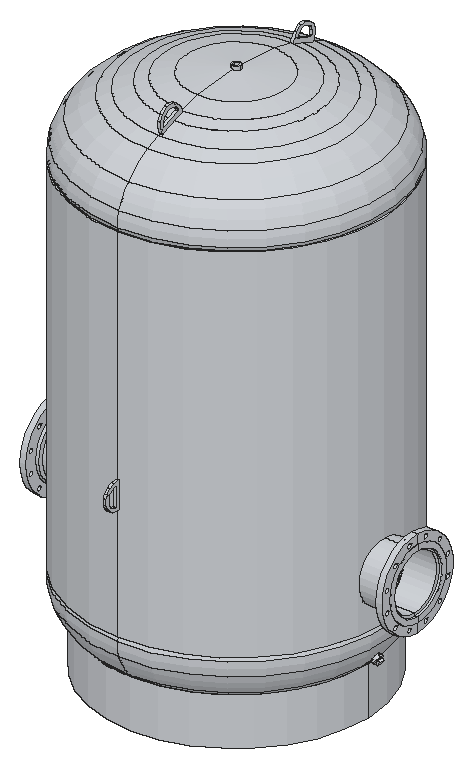
Revit family "CBT-850-10", category Generic Models, Revit 2014
Parameters (values of type "CBT-850-10")
  URL = "http://westank.com/"
  Tank Volume = 850.00 gal
  Part Number = 55540850
  Model = "CBT-850-10"
  Maximum Shipping Weight = 1945 lbf
  Flange Connector Diameter = 10"
  Description = "Wessels ASME Chilled Water Buffer Tanks (CBT) are designed for chilled water systems with insufficient water volume capacity in relation to the chiller capacity."
  D = 25"
  C = 48"
  B = 97 1/2"
  A = 54"
Reference planes (in)
  plane 1 "Center (Front/Back)": y = 0
  plane 2: z = 0
  plane 3 "Center (Left/Right)": x = 0
  plane 4: through (12.55282, -180, 5.24135) normal (0.8192, 0, -0.5736)
  plane 5: z = 0
  plane 6: x = -0.0258
  plane 7: x = -27
  plane 8: x = 27
  plane 9: x = -24
  plane 10: x = 24
  plane 11: z = 25
  plane 12: z = 97.5
Forms (in)
  Revolve 1, solid
    sketch origin (0, -0.02461, 0) x (0, 1, 0) y (0, 0, 1)
      loop
        line (-26.97539, 16.49984) -> (-26.66078, 16.49984)
        arc (-26.66078, 16.49984) -> (-26.66309, 16.48381) -> (-26.66631, 16.46794) r 0.28141
        line (-26.66631, 16.46794) -> (-26.97466, 15.74151)
        arc (-26.97466, 15.74151) -> (-26.94018, 14.43758) -> (-26.668, 13.16191) r 7.10755
        arc (-26.668, 13.16191) -> (-25.77999, 11.13462) -> (-24.46831, 9.35194) r 10.01278
        arc (-24.46831, 9.35194) -> (-22.3909, 7.47847) -> (-20.00612, 6.01615) r 15.24472
        arc (-20.00612, 6.01615) -> (-17.66278, 4.91715) -> (-15.27807, 3.91108) r 65.85395
        arc (-15.27807, 3.91108) -> (-11.82013, 2.79593) -> (-8.24342, 2.15715) r 26.88855
        arc (-8.24342, 2.15715) -> (-4.34631, 1.67267) -> (-0.42253, 1.5111) r 47.59849
        arc (-0.42253, 1.5111) -> (-0.19896, 1.51161) -> (0.02461, 1.51099) r 43.89739
        line (0.02461, 1.51099) -> (0.02461, 1.86256)
        arc (0.02461, 1.86256) -> (-0.1994, 1.86318) -> (-0.4234, 1.86266) r 44.24896
        arc (-0.4234, 1.86266) -> (-4.32269, 2.02348) -> (-8.19539, 2.50555) r 47.24693
        arc (-8.19539, 2.50555) -> (-11.73033, 3.13587) -> (-15.14781, 4.23762) r 26.53699
        arc (-15.14781, 4.23762) -> (-17.51979, 5.23832) -> (-19.85062, 6.33145) r 65.50239
        arc (-19.85062, 6.33145) -> (-22.1804, 7.76005) -> (-24.2099, 9.59031) r 14.89316
        arc (-24.2099, 9.59031) -> (-25.47553, 11.3104) -> (-26.33236, 13.26651) r 9.66121
        arc (-26.33236, 13.26651) -> (-26.58754, 14.44985) -> (-26.62745, 15.65974) r 6.75598
        line (-26.62745, 15.65974) -> (-26.34269, 16.33057) -> (-26.2939, 16.53412) -> (-26.668, 16.53412) -> (-26.668, 82.47318) -> (-26.2939, 82.47318) -> (-26.34269, 82.67673) -> (-26.62745, 83.34756)
        arc (-26.62745, 83.34756) -> (-26.58754, 84.55744) -> (-26.33236, 85.74078) r 6.75598
        arc (-26.33236, 85.74078) -> (-25.47553, 87.6969) -> (-24.2099, 89.41698) r 9.66121
        arc (-24.2099, 89.41698) -> (-22.1804, 91.24725) -> (-19.85062, 92.67585) r 14.89316
        arc (-19.85062, 92.67585) -> (-17.51979, 93.76898) -> (-15.14781, 94.76968) r 65.50239
        arc (-15.14781, 94.76968) -> (-11.73033, 95.87143) -> (-8.19539, 96.50175) r 26.53699
        arc (-8.19539, 96.50175) -> (-4.10161, 97.04879) -> (0.02461, 97.22943) r 46.37627
        line (0.02461, 97.22943) -> (0.02461, 97.4963)
        arc (0.02461, 97.4963) -> (-0.19896, 97.49568) -> (-0.42253, 97.4962) r 43.89739
        arc (-0.42253, 97.4962) -> (-4.5967, 97.31991) -> (-8.73807, 96.76869) r 46.37627
        arc (-8.73807, 96.76869) -> (-10.60403, 96.39443) -> (-12.45302, 95.9438) r 46.28995
        arc (-12.45302, 95.9438) -> (-13.52034, 95.62849) -> (-14.57474, 95.27236) r 28.9358
        arc (-14.57474, 95.27236) -> (-16.14965, 94.6811) -> (-17.70715, 94.04538) r 59.2672
        arc (-17.70715, 94.04538) -> (-18.86408, 93.53449) -> (-20.00612, 92.99115) r 44.79936
        arc (-20.00612, 92.99115) -> (-22.3909, 91.52883) -> (-24.46831, 89.65536) r 15.24472
        arc (-24.46831, 89.65536) -> (-25.77999, 87.87268) -> (-26.668, 85.84538) r 10.01278
        arc (-26.668, 85.84538) -> (-26.94018, 84.56972) -> (-26.97466, 83.26579) r 7.10755
        line (-26.97466, 83.26579) -> (-26.66631, 82.53936)
        arc (-26.66631, 82.53936) -> (-26.66309, 82.52349) -> (-26.66078, 82.50745) r 0.28141
        line (-26.66078, 82.50745) -> (-26.97539, 82.50745) -> (-26.97539, 16.49984)
      axis (0.02461, 1.51099) -> (0.02461, 97.4963)
    angle from 0 to 360
  Revolve 2, solid
    sketch origin (0.05289, 0, -12.12844) x (0.999568, 0, -0.02939) y (0.02939, 0, 0.999568)
      loop
        line (24.95603, 23.79747) -> (24.90436, 23.83351) -> (24.49286, 23.24353) -> (25.10843, 22.81419) -> (25.48438, 23.35322) -> (25.43312, 23.38897) -> (25.55755, 23.56737) -> (25.04492, 23.92491) -> (24.95603, 23.79747)
      axis (24.49286, 23.24353) -> (25.10843, 22.81419)
    angle from 0 to 360
  Extrusion 3, solid
    sketch origin (25.28043, -180, 10.9329) x (0.595927, 0, 0.803038) y (0, -1, 0)
      loop
        line (-0.16036, -179.52645) -> (-0.95521, -179.68698) -> (-0.79485, -180.48095) -> (0, -180.32042) -> (-0.16036, -179.52645)
    from 1.02698 to 1.52678
  Extrusion 4, solid
    sketch origin (0, -15.00821, 15.98097) x (0, 1, 0) y (0, 0, 1)
      loop
        line (-11.93439, 21.33067) -> (-11.93439, 26.202)
        arc (-11.93439, 26.202) -> (-12.47846, 26.15164) -> (-13.01533, 26.05008) r 5.77422
        arc (-13.01533, 26.05008) -> (-13.49297, 25.89754) -> (-13.94252, 25.67548) r 3.35288
        arc (-13.94252, 25.67548) -> (-14.34081, 25.36666) -> (-14.64962, 24.96837) r 2.0073
        arc (-14.64962, 24.96837) -> (-14.80343, 24.58932) -> (-14.88788, 24.18906) r 2.30742
        arc (-14.88788, 24.18906) -> (-14.91277, 23.77188) -> (-14.88788, 23.3547) r 3.50846
        arc (-14.88788, 23.3547) -> (-14.79412, 22.92876) -> (-14.61961, 22.52904) r 2.24053
        arc (-14.61961, 22.52904) -> (-14.27401, 22.08806) -> (-13.80999, 21.77406) r 1.8078
        arc (-13.80999, 21.77406) -> (-13.34321, 21.55591) -> (-12.84107, 21.44044) r 2.44481
        arc (-12.84107, 21.44044) -> (-12.39043, 21.36326) -> (-11.93439, 21.33067) r 4.65484
      loop
        arc (-12.44611, 25.63929) -> (-12.67227, 25.60073) -> (-12.89654, 25.55235) r 5.2625
        arc (-12.89654, 25.55235) -> (-13.30128, 25.42308) -> (-13.68221, 25.23491) r 2.84116
        arc (-13.68221, 25.23491) -> (-13.97364, 25.01013) -> (-14.20134, 24.72098) r 1.49558
        arc (-14.20134, 24.72098) -> (-14.3163, 24.43235) -> (-14.37979, 24.12821) r 1.7957
        arc (-14.37979, 24.12821) -> (-14.40106, 23.77188) -> (-14.37979, 23.41555) r 2.99674
        arc (-14.37979, 23.41555) -> (-14.30745, 23.08689) -> (-14.17279, 22.77846) r 1.72881
        arc (-14.17279, 22.77846) -> (-13.91552, 22.45353) -> (-13.56884, 22.22643) r 1.29608
        arc (-13.56884, 22.22643) -> (-13.1779, 22.0402) -> (-12.75531, 21.94566) r 1.9331
        arc (-12.75531, 21.94566) -> (-12.60126, 21.91347) -> (-12.44611, 21.88716) r 4.14312
        line (-12.44611, 21.88716) -> (-12.44611, 25.63929)
    from -0.24366 to 0.25634
  Extrusion 5, solid
    sketch origin (0, -33.88542, 76.80121) x (0, 0.319235, -0.947675) y (0, 0.947675, 0.319235)
      loop
        arc (-11.9298, 25.67102) -> (-12.15596, 25.63246) -> (-12.38023, 25.58408) r 5.2625
        arc (-12.38023, 25.58408) -> (-12.78497, 25.45482) -> (-13.16591, 25.26664) r 2.84116
        arc (-13.16591, 25.26664) -> (-13.45733, 25.04186) -> (-13.68503, 24.75271) r 1.49558
        arc (-13.68503, 24.75271) -> (-13.8, 24.46408) -> (-13.86349, 24.15994) r 1.7957
        arc (-13.86349, 24.15994) -> (-13.88475, 23.80361) -> (-13.86349, 23.44728) r 2.99674
        arc (-13.86349, 23.44728) -> (-13.79114, 23.11862) -> (-13.65649, 22.81019) r 1.72881
        arc (-13.65649, 22.81019) -> (-13.39922, 22.48527) -> (-13.05253, 22.25816) r 1.29608
        arc (-13.05253, 22.25816) -> (-12.66159, 22.07193) -> (-12.239, 21.97739) r 1.9331
        arc (-12.239, 21.97739) -> (-12.08496, 21.94521) -> (-11.9298, 21.91889) r 4.14312
        line (-11.9298, 21.91889) -> (-11.9298, 25.67102)
      loop
        line (-10.9298, 21.34797) -> (-10.9298, 26.14148)
        arc (-10.9298, 26.14148) -> (-11.99706, 26.18465) -> (-13.02719, 25.90227) r 3.48194
        arc (-13.02719, 25.90227) -> (-13.54727, 25.6041) -> (-13.99851, 25.20943) r 3.03185
        arc (-13.99851, 25.20943) -> (-14.28248, 24.55653) -> (-14.39992, 23.8543) r 2.91879
        arc (-14.39992, 23.8543) -> (-14.3348, 23.1787) -> (-14.08611, 22.54717) r 2.44012
        arc (-14.08611, 22.54717) -> (-13.716, 22.08641) -> (-13.21844, 21.76749) r 1.83162
        arc (-13.21844, 21.76749) -> (-12.09799, 21.42749) -> (-10.9298, 21.34797) r 5.1769
    from -0.24366 to 0.25634
  Extrusion 6, solid
    sketch origin (0, 0, 0) x (1, 0, 0) y (0, 1, 0)
      loop
        circle (0, 0) r 0.75
      loop
        circle (0, 0) r 0.5
    from 97.11569 to 97.99632
  Extrusion 7, void
    sketch origin (0, 0, 0) x (1, 0, 0) y (0, 1, 0)
      loop
        circle (0, 0) r 0.5
    from 96.7132 to 98.63812
  Revolve 8, solid
    sketch origin (0, 0, 0) x (1, 0, 0) y (0, 0, 1)
      loop
        line (23.85455, 8.74984) -> (23.85455, 0) -> (23.99808, 0) -> (23.99808, 8.74984) -> (23.85455, 8.74984)
      axis (0, 8.74984) -> (0, 0)
    angle from 0 to 360
  Extrusion 9, void
    sketch origin (0, 0, 0.25) x (0, 1, 0) y (0, 0, 1)
      loop
        circle (0, 24.75) r 5.0102
    from -31.75655 to 32.4227
  Extrusion 10, solid
    sketch origin (0, 33.88542, 76.80121) x (0, -0.319235, -0.947675) y (0, 0.947675, -0.319235)
      loop
        line (-11.9298, -25.67102) -> (-11.9298, -21.91889)
        arc (-11.9298, -21.91889) -> (-12.08496, -21.94521) -> (-12.239, -21.97739) r 4.14312
        arc (-12.239, -21.97739) -> (-12.66159, -22.07193) -> (-13.05253, -22.25816) r 1.9331
        arc (-13.05253, -22.25816) -> (-13.39922, -22.48527) -> (-13.65649, -22.81019) r 1.29608
        arc (-13.65649, -22.81019) -> (-13.79114, -23.11862) -> (-13.86349, -23.44728) r 1.72881
        arc (-13.86349, -23.44728) -> (-13.88475, -23.80361) -> (-13.86349, -24.15994) r 2.99674
        arc (-13.86349, -24.15994) -> (-13.8, -24.46408) -> (-13.68503, -24.75271) r 1.7957
        arc (-13.68503, -24.75271) -> (-13.45733, -25.04186) -> (-13.16591, -25.26664) r 1.49558
        arc (-13.16591, -25.26664) -> (-12.78497, -25.45482) -> (-12.38023, -25.58408) r 2.84116
        arc (-12.38023, -25.58408) -> (-12.15596, -25.63246) -> (-11.9298, -25.67102) r 5.2625
      loop
        arc (-10.9298, -21.34797) -> (-12.09799, -21.42749) -> (-13.21844, -21.76749) r 5.1769
        arc (-13.21844, -21.76749) -> (-13.716, -22.08641) -> (-14.08611, -22.54717) r 1.83162
        arc (-14.08611, -22.54717) -> (-14.3348, -23.1787) -> (-14.39992, -23.8543) r 2.44012
        arc (-14.39992, -23.8543) -> (-14.28248, -24.55653) -> (-13.99851, -25.20943) r 2.91879
        arc (-13.99851, -25.20943) -> (-13.54727, -25.6041) -> (-13.02719, -25.90227) r 3.03185
        arc (-13.02719, -25.90227) -> (-11.99706, -26.18465) -> (-10.9298, -26.14148) r 3.48194
        line (-10.9298, -26.14148) -> (-10.9298, -21.34797)
    from -0.24366 to 0.25634
  Revolve 11, solid
    sketch origin (-3.00177, 0, 1.25063) x (-1, 0, 0) y (0, 0, 1)
      loop
        line (28.06282, 18.37446) -> (28.06282, 17.74882) -> (28.81282, 17.74882) -> (28.81282, 15.74927) -> (29.93784, 15.74927) -> (29.93784, 17.37439) -> (29.99988, 17.37439) -> (29.99988, 18.37446) -> (28.06282, 18.37446)
      axis (29.99988, 23.74937) -> (28.06282, 23.74937)
    angle from 0 to 360
  Revolve 12, solid
    sketch origin (-3.60333, 0, 1.22133) x (1, 0, 0) y (0, 0, 1)
      loop
        line (-28.89921, 18.76847) -> (-28.89921, 18.40367) -> (-22.14876, 18.40367) -> (-22.14876, 18.76847) -> (-28.89921, 18.76847)
      axis (-28.89921, 23.77867) -> (-22.14876, 23.77867)
    angle from 0 to 360
  Extrusion 13, void
    sketch origin (0, 0, 0) x (0, 1, 0) y (0, 0, 1)
      loop
        circle (1.84741, 31.87961) r 0.5
      loop
        circle (1.84741, 18.12039) r 0.5
      loop
        circle (5.03491, 30.03216) r 0.5
      loop
        circle (6.91854, 26.85932) r 0.5
      loop
        circle (6.88664, 23.15716) r 0.5
      loop
        circle (5.05244, 19.94091) r 0.5
      loop
        circle (-1.84741, 31.87961) r 0.5
      loop
        circle (-1.84741, 18.12039) r 0.5
      loop
        circle (-5.03491, 30.03216) r 0.5
      loop
        circle (-6.91854, 26.85932) r 0.5
      loop
        circle (-6.88664, 23.15716) r 0.5
      loop
        circle (-5.05244, 19.94091) r 0.5
    from -33.83575 to -30.82973
  Revolve 14, solid
    sketch origin (3.00177, 0, 1.25063) x (1, 0, 0) y (0, 0, 1)
      loop
        line (28.06282, 18.37446) -> (28.06282, 17.74882) -> (28.81282, 17.74882) -> (28.81282, 15.74927) -> (29.93784, 15.74927) -> (29.93784, 17.37439) -> (29.99988, 17.37439) -> (29.99988, 18.37446) -> (28.06282, 18.37446)
      axis (29.99988, 23.74937) -> (28.06282, 23.74937)
    angle from 0 to 360
  Revolve 15, solid
    sketch origin (3.60333, 0, 1.22133) x (-1, 0, 0) y (0, 0, 1)
      loop
        line (-28.89921, 18.76847) -> (-28.89921, 18.40367) -> (-22.14876, 18.40367) -> (-22.14876, 18.76847) -> (-28.89921, 18.76847)
      axis (-28.89921, 23.77867) -> (-22.14876, 23.77867)
    angle from 0 to 360
  Extrusion 16, void
    sketch origin (0, 0, 0) x (0, 1, 0) y (0, 0, -1)
      loop
        circle (1.84741, -31.87961) r 0.5
      loop
        circle (1.84741, -18.12039) r 0.5
      loop
        circle (5.03491, -30.03216) r 0.5
      loop
        circle (6.91854, -26.85932) r 0.5
      loop
        circle (6.88664, -23.15716) r 0.5
      loop
        circle (5.05244, -19.94091) r 0.5
      loop
        circle (-1.84741, -31.87961) r 0.5
      loop
        circle (-1.84741, -18.12039) r 0.5
      loop
        circle (-5.03491, -30.03216) r 0.5
      loop
        circle (-6.91854, -26.85932) r 0.5
      loop
        circle (-6.88664, -23.15716) r 0.5
      loop
        circle (-5.05244, -19.94091) r 0.5
    from -33.83575 to -30.82973
Cuts and joins
  joined: Extrusion 3, Extrusion 4, Extrusion 5, Extrusion 6, Revolve 8
  Extrusion 7, Extrusion 9 cuts Revolve 1
  Extrusion 13, Extrusion 16 cuts Revolve 11
  Extrusion 16 cuts Revolve 14
Dimensions and locks (in)
  "A": plane 8 to plane 7
  "C": plane 10 to plane 9
  "D": plane 11 to level
  "B": plane 12 to level
  aligned and locked: plane 2 to level
Automatic sketch dimensions
  Revolve 1 sketch curve to Revolve 1 sketch curve = 0"  (x35)
  Revolve 1 sketch curve to plane 1 "Center (Front/Back)" = 0"  (x3)
  plane 1 "Center (Front/Back)" to Revolve 1 sketch curve = 0.03668"
  plane 1 "Center (Front/Back)" to Revolve 1 sketch curve = 0.21505"
  plane 1 "Center (Front/Back)" to Revolve 1 sketch curve = 0.23362"  (x2)
  plane 1 "Center (Front/Back)" to Revolve 1 sketch curve = 0.45236"
  Revolve 1 sketch curve to Revolve 1 sketch curve = 0.12699"
  Revolve 1 sketch curve to Revolve 1 sketch curve = 0.01523"
  plane 1 "Center (Front/Back)" to Revolve 1 sketch curve = 4.81467"
  plane 1 "Center (Front/Back)" to Revolve 1 sketch curve = 5.33981"
  Revolve 1 sketch curve to Revolve 1 sketch curve = 0.52514"
  Revolve 1 sketch curve to plane 11 = 5.31152"
  Revolve 1 sketch curve to Revolve 1 sketch curve = 7.94787"  (x2)
  Revolve 1 sketch curve to Revolve 1 sketch curve = 3.84561"  (x2)
  Revolve 1 sketch curve to Revolve 1 sketch curve = 2.77366"  (x2)
  Revolve 1 sketch curve to plane 11 = 8.46588"
  Revolve 1 sketch curve to Revolve 1 sketch curve = 6.41156"  (x2)
  Revolve 1 sketch curve to plane 11 = 8.66943"
  Revolve 1 sketch curve to Revolve 1 sketch curve = 0.0488"  (x2)
  Revolve 1 sketch curve to Revolve 1 sketch curve = 0.28475"  (x2)
  Revolve 1 sketch curve to plane 11 = 9.34026"
  Revolve 1 sketch curve to Revolve 1 sketch curve = 0.31809"  (x2)
  Revolve 1 sketch curve to plane 11 = 8.53206"
  Revolve 1 sketch curve to Revolve 1 sketch curve = 0.00553"  (x2)
  Revolve 1 sketch curve to Revolve 1 sketch curve = 0.00722"
  Revolve 1 sketch curve to Revolve 1 sketch curve = 0.27236"  (x2)
  Revolve 1 sketch curve to plane 11 = 9.25849"
  Revolve 1 sketch curve to Revolve 1 sketch curve = 0.34721"  (x2)
  Revolve 1 sketch curve to Revolve 1 sketch curve = 0.03503"
  Revolve 1 sketch curve to plane 1 "Center (Front/Back)" = 5.44192"
  Revolve 1 sketch curve to Revolve 1 sketch curve = 3.6559"
  Revolve 1 sketch curve to plane 1 "Center (Front/Back)" = 9.09782"
  Revolve 1 sketch curve to Revolve 1 sketch curve = 1.2575"  (x2)
  level to Revolve 1 sketch curve = 1.86256"
  Revolve 1 sketch curve to Revolve 1 sketch curve = 45/128"
  Revolve 1 sketch curve to level = 42.38578"
  Revolve 1 sketch curve to Revolve 1 sketch curve = 0.86439"  (x2)
  Revolve 1 sketch curve to Revolve 1 sketch curve = 0.03427"
  plane 11 to Revolve 1 sketch curve = 3.88577"
  plane 11 to Revolve 1 sketch curve = 8.92957"
  Revolve 1 sketch curve to Revolve 1 sketch curve = 5.56692"
  Revolve 1 sketch curve to Revolve 1 sketch curve = 9.6131"
  Revolve 1 sketch curve to Revolve 1 sketch curve = 1.74359"
  Revolve 1 sketch curve to Revolve 1 sketch curve = 2.01053"
  Revolve 1 sketch curve to Revolve 1 sketch curve = 0.08497"
  Revolve 1 sketch curve to Revolve 1 sketch curve = 1.60745"
  Revolve 1 sketch curve to Revolve 1 sketch curve = 12.26519"
  Revolve 1 sketch curve to Revolve 1 sketch curve = 2.96339"
  Revolve 1 sketch curve to Revolve 1 sketch curve = 2.08041"
  Revolve 1 sketch curve to Revolve 1 sketch curve = 9.19729"
  Revolve 1 sketch curve to Revolve 1 sketch curve = 0.06618"
  Revolve 1 sketch curve to Revolve 1 sketch curve = 0.00227"
  Revolve 1 sketch curve to Revolve 1 sketch curve = 0.20354"
  Revolve 1 sketch curve to Revolve 1 sketch curve = 3.54747"
  plane 1 "Center (Front/Back)" to Revolve 1 sketch curve = 0.44714"
  Revolve 1 sketch curve to Revolve 1 sketch curve = 0.00087"
  level to Revolve 1 sketch curve = 2.50555"
  Revolve 1 sketch curve to Revolve 1 sketch curve = 0.54267"
  Revolve 1 sketch curve to Revolve 1 sketch curve = 0.04803"
  plane 11 to Revolve 1 sketch curve = 3.89308"
  Revolve 1 sketch curve to Revolve 1 sketch curve = 3 3/4"
  plane 10 to Revolve 2 sketch curve = 1.21829"
  plane 4 to Revolve 2 sketch curve = 7.42455"
  Revolve 2 sketch curve to Revolve 2 sketch curve = 0.4115"
  Revolve 2 sketch curve to Revolve 2 sketch curve = 0.05167"
  Revolve 2 sketch curve to Revolve 2 sketch curve = 0.08888"
  Revolve 2 sketch curve to Revolve 2 sketch curve = 0.61556"
  Revolve 2 sketch curve to Revolve 2 sketch curve = 0.47709"
  Revolve 2 sketch curve to Revolve 2 sketch curve = 0.05126"
  Revolve 2 sketch curve to Revolve 2 sketch curve = 0.42934"
  Revolve 2 sketch curve to Revolve 2 sketch curve = 0.12768"
  Revolve 2 sketch curve to Revolve 2 sketch curve = 0"  (x2)
  Revolve 2 sketch curve to Revolve 2 sketch curve = 0.08905"
  plane 1 "Center (Front/Back)" to Extrusion 3 sketch curve = 0.31302"
  Extrusion 3 sketch curve to plane 1 "Center (Front/Back)" = 0.48095"
  Extrusion 3 sketch curve to Extrusion 3 sketch curve = 0.16036"  (x2)
  plane 1 "Center (Front/Back)" to Extrusion 3 sketch curve = 0.47355"
  Extrusion 3 sketch curve to Extrusion 3 sketch curve = 0.79485"
  Extrusion 3 sketch curve to plane 1 "Center (Front/Back)" = 0.32042"
  Extrusion 4 sketch curve to Extrusion 4 sketch curve = 0"  (x24)
  plane 1 "Center (Front/Back)" to Extrusion 4 sketch curve = 28.04931"
  Extrusion 4 sketch curve to Extrusion 4 sketch curve = 0.11966"
  Extrusion 4 sketch curve to Extrusion 4 sketch curve = 0.25819"
  Extrusion 4 sketch curve to Extrusion 4 sketch curve = 17/256"
  Extrusion 4 sketch curve to Extrusion 4 sketch curve = 0.04958"
  Extrusion 4 sketch curve to Extrusion 4 sketch curve = 0.15073"
  Extrusion 4 sketch curve to Extrusion 4 sketch curve = 0.20915"
  Extrusion 4 sketch curve to Extrusion 4 sketch curve = 131/256"
  Extrusion 4 sketch curve to Extrusion 4 sketch curve = 0.10338"
  Extrusion 4 sketch curve to Extrusion 4 sketch curve = 0.25955"
  Extrusion 4 sketch curve to Extrusion 4 sketch curve = 1.14294"
  plane 11 to Extrusion 4 sketch curve = 11.41459"
  Extrusion 4 sketch curve to Extrusion 4 sketch curve = 0.89706"
  Extrusion 4 sketch curve to Extrusion 4 sketch curve = 0.55648"
  Extrusion 4 sketch curve to Extrusion 4 sketch curve = 0.90165"
  Extrusion 4 sketch curve to Extrusion 4 sketch curve = 0.62139"
  Extrusion 4 sketch curve to Extrusion 4 sketch curve = 27/128"
  Extrusion 4 sketch curve to Extrusion 4 sketch curve = 0.15076"
  Extrusion 4 sketch curve to Extrusion 4 sketch curve = 0.24641"
  Extrusion 4 sketch curve to Extrusion 4 sketch curve = 0.04716"
  Extrusion 4 sketch curve to Extrusion 4 sketch curve = 0.0326"
  Extrusion 4 sketch curve to Extrusion 4 sketch curve = 1.7246"
  Extrusion 4 sketch curve to Extrusion 4 sketch curve = 0.34507"
  Extrusion 4 sketch curve to Extrusion 4 sketch curve = 0.21764"
  Extrusion 4 sketch curve to Extrusion 4 sketch curve = 1.12273"
  Extrusion 4 sketch curve to Extrusion 4 sketch curve = 0.78568"
  Extrusion 4 sketch curve to Extrusion 4 sketch curve = 0.24115"
  Extrusion 4 sketch curve to Extrusion 4 sketch curve = 0.2603"
  Extrusion 4 sketch curve to Extrusion 4 sketch curve = 0.60395"
  Extrusion 4 sketch curve to Extrusion 4 sketch curve = 0.51913"
  Extrusion 4 sketch curve to Extrusion 4 sketch curve = 0.44682"
  Extrusion 4 sketch curve to Extrusion 4 sketch curve = 0.44829"
  Extrusion 6 sketch curve to Extrusion 6 sketch curve = 0"  (x2)
  plane 1 "Center (Front/Back)" to Extrusion 6 sketch curve = 0"
  Extrusion 6 sketch curve to plane 3 "Center (Left/Right)" = 0"
  Extrusion 7 sketch curve to Extrusion 7 sketch curve = 0"  (x2)
  plane 1 "Center (Front/Back)" to Extrusion 7 sketch curve = 0"
  Extrusion 7 sketch curve to plane 3 "Center (Left/Right)" = 0"
  plane 6 to Extrusion 7 sketch curve = 0.4742"
  Revolve 8 sketch curve to plane 3 "Center (Left/Right)" = 0"
  Revolve 8 sketch curve to level = 0"
  Revolve 8 sketch curve to plane 10 = 0.14545"
  Revolve 8 sketch curve to plane 10 = 0.00192"
  level to Revolve 8 sketch curve = 8.74984"
  level to Revolve 8 sketch curve = 4.69941"
  Revolve 8 sketch curve to Revolve 8 sketch curve = 1"
  Revolve 11 sketch curve to plane 11 = 0"
  plane 7 to Revolve 11 sketch curve = 4.06459"
  Revolve 11 sketch curve to Revolve 11 sketch curve = 3/4"
  Revolve 11 sketch curve to Revolve 11 sketch curve = 1 1/8"
  Revolve 11 sketch curve to Revolve 11 sketch curve = 0.06204"
  plane 11 to Revolve 11 sketch curve = 5.37491"
  Revolve 11 sketch curve to Revolve 11 sketch curve = 0.62564"
  Revolve 11 sketch curve to Revolve 11 sketch curve = 1.00007"
  Revolve 11 sketch curve to Revolve 11 sketch curve = 1.62511"
  Revolve 11 sketch curve to plane 7 = 41/128"
  Revolve 11 sketch curve to Revolve 11 sketch curve = 0.68278"
  Revolve 12 sketch curve to plane 11 = 0"
  Revolve 12 sketch curve to plane 7 = 5.50254"
  plane 7 to Revolve 12 sketch curve = 1.24791"
  Revolve 12 sketch curve to plane 11 = 5.0102"
  Revolve 12 sketch curve to Revolve 12 sketch curve = 0.3648"
  plane 7 to Revolve 12 sketch curve = 1 1/2"
  Revolve 12 sketch curve to Revolve 12 sketch curve = 0.36015"
  plane 11 to Extrusion 13 sketch curve = 1.85932"  (x2)
  plane 1 "Center (Front/Back)" to Extrusion 13 sketch curve = 6.91854"
  Extrusion 13 sketch curve to plane 11 = 1.84284"  (x2)
  Extrusion 13 sketch curve to Extrusion 13 sketch curve = 0.03189"
  Extrusion 13 sketch curve to Extrusion 13 sketch curve = 1.83421"  (x2)
  Extrusion 13 sketch curve to Extrusion 13 sketch curve = 1.88362"  (x2)
  plane 1 "Center (Front/Back)" to Extrusion 13 sketch curve = 1.84741"  (x2)
  Extrusion 13 sketch curve to plane 1 "Center (Front/Back)" = 1.84741"  (x2)
  Extrusion 13 sketch curve to Extrusion 13 sketch curve = 3 3/16"
  Extrusion 13 sketch curve to Extrusion 13 sketch curve = 3.20502"
  Extrusion 13 sketch curve to Extrusion 13 sketch curve = 3.21626"  (x2)
  Extrusion 13 sketch curve to Extrusion 13 sketch curve = 1.82052"  (x2)
  Extrusion 13 sketch curve to Extrusion 13 sketch curve = 3.17284"  (x2)
  Extrusion 13 sketch curve to Extrusion 13 sketch curve = 1.84745"  (x2)
  Revolve 14 sketch curve to plane 11 = 0"
  plane 8 to Revolve 14 sketch curve = 4.06459"
  Revolve 14 sketch curve to Revolve 14 sketch curve = 3/4"
  Revolve 14 sketch curve to Revolve 14 sketch curve = 1 1/8"
  Revolve 14 sketch curve to Revolve 14 sketch curve = 0.06204"
  Revolve 14 sketch curve to plane 11 = 5.37491"
  Revolve 14 sketch curve to Revolve 14 sketch curve = 0.62564"
  Revolve 14 sketch curve to Revolve 14 sketch curve = 1.00007"
  Revolve 14 sketch curve to Revolve 14 sketch curve = 1.62511"
  Revolve 14 sketch curve to plane 8 = 41/128"
  Revolve 14 sketch curve to Revolve 14 sketch curve = 0.68278"
  Revolve 15 sketch curve to plane 11 = 0"
  Revolve 15 sketch curve to plane 8 = 5.50254"
  plane 8 to Revolve 15 sketch curve = 1.24791"
  plane 11 to Revolve 15 sketch curve = 5.0102"
  Revolve 15 sketch curve to Revolve 15 sketch curve = 0.3648"
  plane 8 to Revolve 15 sketch curve = 1 1/2"
  Revolve 15 sketch curve to Revolve 15 sketch curve = 0.36015"
  plane 11 to Extrusion 16 sketch curve = 1.85932"  (x2)
  plane 1 "Center (Front/Back)" to Extrusion 16 sketch curve = 6.91854"
  Extrusion 16 sketch curve to plane 11 = 1.84284"  (x2)
  Extrusion 16 sketch curve to Extrusion 16 sketch curve = 0.03189"
  Extrusion 16 sketch curve to Extrusion 16 sketch curve = 1.83421"  (x2)
  Extrusion 16 sketch curve to Extrusion 16 sketch curve = 1.88362"  (x2)
  plane 1 "Center (Front/Back)" to Extrusion 16 sketch curve = 1.84741"  (x2)
  Extrusion 16 sketch curve to plane 1 "Center (Front/Back)" = 1.84741"  (x2)
  Extrusion 16 sketch curve to Extrusion 16 sketch curve = 3 3/16"
  Extrusion 16 sketch curve to Extrusion 16 sketch curve = 3.20502"
  plane 11 to Extrusion 16 sketch curve = 5.03216"
  Extrusion 16 sketch curve to Extrusion 16 sketch curve = 3.17284"
  Extrusion 16 sketch curve to Extrusion 16 sketch curve = 1.84745"  (x2)
  Extrusion 16 sketch curve to Extrusion 16 sketch curve = 3.21626"  (x2)
  Extrusion 16 sketch curve to Extrusion 16 sketch curve = 1.82052"  (x2)
  Extrusion 9 sketch curve to Extrusion 9 sketch curve = 0"  (x2)
  Extrusion 9 sketch curve to plane 1 "Center (Front/Back)" = 0"
  Extrusion 9 sketch curve to plane 11 = 0"
  Extrusion 9 sketch curve to Extrusion 9 sketch curve = 5.0102"
  plane 1 "Center (Front/Back)" to Extrusion 5 sketch curve = 15.66843"
  Extrusion 5 sketch curve to Extrusion 5 sketch curve = 0.03301"
  Extrusion 5 sketch curve to Extrusion 5 sketch curve = 0.08665"
  Extrusion 5 sketch curve to Extrusion 5 sketch curve = 0.34483"
  Extrusion 5 sketch curve to Extrusion 5 sketch curve = 17/256"
  Extrusion 5 sketch curve to Extrusion 5 sketch curve = 0.04958"
  Extrusion 5 sketch curve to Extrusion 5 sketch curve = 0.06885"
  Extrusion 5 sketch curve to Extrusion 5 sketch curve = 0.15073"
  Extrusion 5 sketch curve to Extrusion 5 sketch curve = 0.36028"
  Extrusion 5 sketch curve to Extrusion 5 sketch curve = 0.06601"
  Extrusion 5 sketch curve to Extrusion 5 sketch curve = 0.11815"
  Extrusion 5 sketch curve to Extrusion 5 sketch curve = 0.47821"
  Extrusion 5 sketch curve to Extrusion 5 sketch curve = 0.6151"
  Extrusion 5 sketch curve to Extrusion 5 sketch curve = 0.15011"
  Extrusion 5 sketch curve to Extrusion 5 sketch curve = 0.77126"
  Extrusion 5 sketch curve to Extrusion 5 sketch curve = 0.3849"
  Extrusion 5 sketch curve to Extrusion 5 sketch curve = 0.59588"
  Extrusion 5 sketch curve to Extrusion 5 sketch curve = 0.3061"
  Extrusion 5 sketch curve to Extrusion 5 sketch curve = 0.31529"
  Extrusion 5 sketch curve to Extrusion 5 sketch curve = 0.0954"
  Extrusion 5 sketch curve to Extrusion 5 sketch curve = 0.80625"
  Extrusion 5 sketch curve to Extrusion 5 sketch curve = 0.57092"
  Extrusion 5 sketch curve to Extrusion 5 sketch curve = 0.88262"
  Extrusion 5 sketch curve to Extrusion 5 sketch curve = 0.00686"
  Extrusion 5 sketch curve to Extrusion 5 sketch curve = 0.20406"
  Extrusion 5 sketch curve to Extrusion 5 sketch curve = 0.59172"
  Extrusion 5 sketch curve to Extrusion 5 sketch curve = 0.09548"
  Extrusion 5 sketch curve to Extrusion 5 sketch curve = 0.07607"
  Extrusion 5 sketch curve to Extrusion 5 sketch curve = 0.15093"
  Extrusion 5 sketch curve to Extrusion 5 sketch curve = 0.04716"
  Extrusion 5 sketch curve to Extrusion 5 sketch curve = 0.0326"
  Extrusion 5 sketch curve to Extrusion 5 sketch curve = 1.7246"
  Extrusion 5 sketch curve to Extrusion 5 sketch curve = 0.34507"
  Extrusion 5 sketch curve to Extrusion 5 sketch curve = 0.12538"
  Extrusion 5 sketch curve to Extrusion 5 sketch curve = 0.37807"
  Extrusion 5 sketch curve to Extrusion 5 sketch curve = 0"  (x6)
  Extrusion 5 sketch curve to Extrusion 5 sketch curve = 0.1659"
  Extrusion 5 sketch curve to Extrusion 5 sketch curve = 0.13872"
  Extrusion 5 sketch curve to Extrusion 5 sketch curve = 0.42962"
  Extrusion 5 sketch curve to Extrusion 5 sketch curve = 0.51913"
  Extrusion 5 sketch curve to Extrusion 5 sketch curve = 0.31348"
  plane 1 "Center (Front/Back)" to Extrusion 10 sketch curve = 15.66843"
  Extrusion 10 sketch curve to Extrusion 10 sketch curve = 0.03301"
  Extrusion 10 sketch curve to Extrusion 10 sketch curve = 0.08665"
  Extrusion 10 sketch curve to Extrusion 10 sketch curve = 0.34483"
  Extrusion 10 sketch curve to Extrusion 10 sketch curve = 17/256"
  Extrusion 10 sketch curve to Extrusion 10 sketch curve = 0.04958"
  Extrusion 10 sketch curve to Extrusion 10 sketch curve = 0.06885"
  Extrusion 10 sketch curve to Extrusion 10 sketch curve = 0.15073"
  Extrusion 10 sketch curve to Extrusion 10 sketch curve = 0.36028"
  Extrusion 10 sketch curve to Extrusion 10 sketch curve = 0.06601"
  Extrusion 10 sketch curve to Extrusion 10 sketch curve = 0.11815"
  Extrusion 10 sketch curve to Extrusion 10 sketch curve = 0.47821"
  Extrusion 10 sketch curve to Extrusion 10 sketch curve = 0.6151"
  Extrusion 10 sketch curve to Extrusion 10 sketch curve = 0.15011"
  Extrusion 10 sketch curve to Extrusion 10 sketch curve = 0.77126"
  Extrusion 10 sketch curve to Extrusion 10 sketch curve = 0.3849"
  Extrusion 10 sketch curve to Extrusion 10 sketch curve = 0.59588"
  Extrusion 10 sketch curve to Extrusion 10 sketch curve = 0.3061"
  Extrusion 10 sketch curve to Extrusion 10 sketch curve = 0.31529"
  Extrusion 10 sketch curve to Extrusion 10 sketch curve = 0.0954"
  Extrusion 10 sketch curve to Extrusion 10 sketch curve = 0.80625"
  Extrusion 10 sketch curve to Extrusion 10 sketch curve = 0.57092"
  Extrusion 10 sketch curve to Extrusion 10 sketch curve = 0.88262"
  Extrusion 10 sketch curve to Extrusion 10 sketch curve = 0.00686"
  Extrusion 10 sketch curve to Extrusion 10 sketch curve = 0.20406"
  Extrusion 10 sketch curve to Extrusion 10 sketch curve = 0.59172"
  Extrusion 10 sketch curve to Extrusion 10 sketch curve = 0.09548"
  Extrusion 10 sketch curve to Extrusion 10 sketch curve = 0.07607"
  Extrusion 10 sketch curve to Extrusion 10 sketch curve = 0.15093"
  Extrusion 10 sketch curve to Extrusion 10 sketch curve = 0.04716"
  Extrusion 10 sketch curve to Extrusion 10 sketch curve = 0.0326"
  Extrusion 10 sketch curve to Extrusion 10 sketch curve = 1.7246"
  Extrusion 10 sketch curve to Extrusion 10 sketch curve = 0.34507"
  Extrusion 10 sketch curve to Extrusion 10 sketch curve = 0.12538"
  Extrusion 10 sketch curve to Extrusion 10 sketch curve = 0.37807"
  Extrusion 10 sketch curve to Extrusion 10 sketch curve = 0"  (x6)
  Extrusion 10 sketch curve to Extrusion 10 sketch curve = 0.1659"
  Extrusion 10 sketch curve to Extrusion 10 sketch curve = 0.13872"
  Extrusion 10 sketch curve to Extrusion 10 sketch curve = 0.42962"
  Extrusion 10 sketch curve to Extrusion 10 sketch curve = 0.51913"
  Extrusion 10 sketch curve to Extrusion 10 sketch curve = 0.31348"
  Revolve 1 sketch curve to Revolve 1 sketch curve = 0.75834"
  Revolve 1 sketch curve to Revolve 1 sketch curve = 0.08177"
  Revolve 1 sketch curve to Revolve 1 sketch curve = 17.91062"
  Revolve 1 sketch curve to Revolve 1 sketch curve = 0.26687"
  Revolve 1 sketch curve to Revolve 1 sketch curve = 43.89677"
  Revolve 1 sketch curve to Revolve 1 sketch curve = 2.12172"
  plane 11 to Extrusion 5 sketch curve = 71.15414"
  Extrusion 10 sketch curve to plane 11 = 71.15414"
  radius of Extrusion 6 sketch curve = 3/4"
  radius of Extrusion 6 sketch curve = 1/2"
  radius of Extrusion 13 sketch curve = 1/2"  (x12)
  radius of Extrusion 16 sketch curve = 1/2"  (x12)
Connectors (in)
  piping at (-33.00165, 0, 25), diameter 10, driven by "Flange Connector Diameter"
    settings: on Revolve 11, index 2, connector inside diameter 24", connector length 0", flow factor 0, pipe flow 0 GPM, pressure drop 0.00 psi, fitting loss kfactor 0, connector angle 0.00°, fixture units 0, engagement length 0", angle of deflection 0.00°, flow configuration 0, flow direction 0, fitting loss method 0, system type 7, joint type 0, gender type 0, connector reference index 3, connector utility 0, adjustable connector no, is connector primary yes, connector description ""
  piping at (33.00165, 0, 25), diameter 10, driven by "Flange Connector Diameter"
    settings: on Revolve 14, index 3, connector inside diameter 24", connector length 0", flow factor 0, pipe flow 0 GPM, pressure drop 0.00 psi, fitting loss kfactor 0, connector angle 0.00°, fixture units 0, engagement length 0", angle of deflection 0.00°, flow configuration 0, flow direction 0, fitting loss method 0, system type 7, joint type 0, gender type 0, connector reference index 2, connector utility 0, adjustable connector no, is connector primary no, connector description ""
